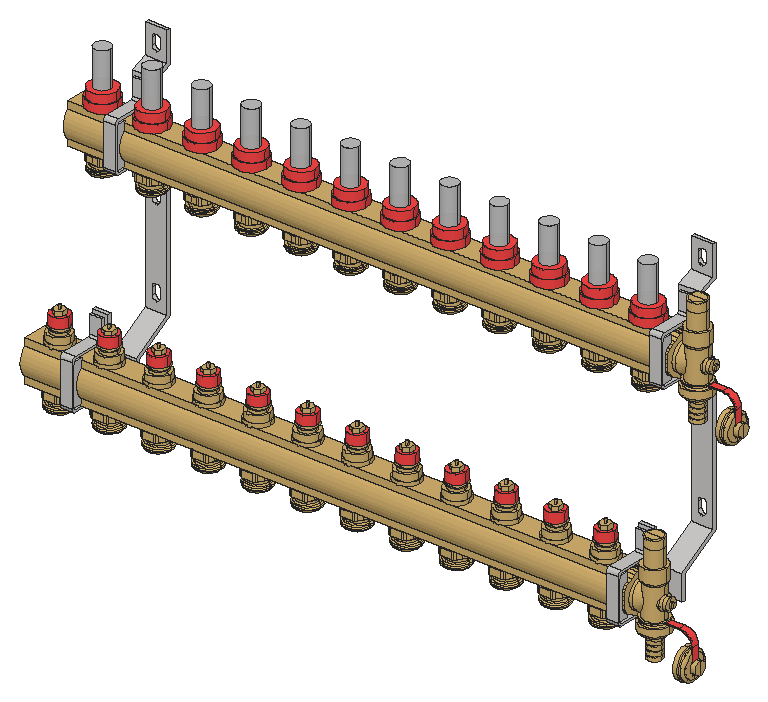
Revit family "Manifold FHF-F_2-12_RFA", category Pipe Accessories, Revit 2019 (continued)
Definition of nested family "FHF-F Symbol"
  Automatic sketch dimensions
    curve 77 to curve 78 = 7.371 mm
    curve 77 to curve 75 = 7.371 mm
    curve 76 to curve 80 = 6.483 mm
    curve 77 to curve 76 = 6.207 mm
    curve 80 to curve 76 = 6.207 mm
    curve 75 to curve 80 = 8.793 mm
    curve 75 to curve 75 = 20 mm
    curve 76 to curve 79 = 1.293 mm
    curve 80 to curve 78 = 0 mm
    curve 85 to curve 82 = 7.371 mm
    curve 82 to curve 84 = 8.793 mm
    curve 85 to curve 82 = 2.371 mm
    curve 83 to curve 84 = 7.371 mm
    curve 83 to curve 81 = 7.371 mm
    curve 82 to curve 86 = 6.483 mm
    curve 83 to curve 82 = 6.207 mm
    curve 86 to curve 82 = 6.207 mm
    curve 81 to curve 86 = 8.793 mm
    curve 81 to curve 81 = 20 mm
    curve 82 to curve 85 = 1.293 mm
    curve 86 to curve 84 = 0 mm
    curve 91 to curve 88 = 7.371 mm
    curve 88 to curve 90 = 8.793 mm
    curve 91 to curve 88 = 2.371 mm
    curve 89 to curve 90 = 7.371 mm
    curve 89 to curve 87 = 7.371 mm
    curve 88 to curve 92 = 6.483 mm
    curve 89 to curve 88 = 6.207 mm
    curve 92 to curve 88 = 6.207 mm
    curve 87 to curve 92 = 8.793 mm
    curve 87 to curve 87 = 20 mm
    curve 88 to curve 91 = 1.293 mm
    curve 92 to curve 90 = 0 mm
    curve 97 to curve 94 = 7.371 mm
    curve 94 to curve 96 = 8.793 mm
    curve 97 to curve 94 = 2.371 mm
    curve 95 to curve 96 = 7.371 mm
    curve 95 to curve 93 = 7.371 mm
    curve 94 to curve 98 = 6.483 mm
    curve 95 to curve 94 = 6.207 mm
    curve 98 to curve 94 = 6.207 mm
    curve 93 to curve 98 = 8.793 mm
    curve 93 to curve 93 = 20 mm
    curve 94 to curve 97 = 1.293 mm
    curve 98 to curve 96 = 0 mm
    curve 103 to curve 100 = 7.371 mm
    curve 100 to curve 102 = 8.793 mm
    curve 103 to curve 100 = 2.371 mm
    curve 101 to curve 102 = 7.371 mm
    curve 101 to curve 99 = 7.371 mm
    curve 100 to curve 104 = 6.483 mm
    curve 101 to curve 100 = 6.207 mm
    curve 104 to curve 100 = 6.207 mm
    curve 99 to curve 104 = 8.793 mm
    curve 99 to curve 99 = 20 mm
    curve 100 to curve 103 = 1.293 mm
    curve 104 to curve 102 = 0 mm
    curve 109 to curve 106 = 7.371 mm
    curve 106 to curve 108 = 8.793 mm
    curve 109 to curve 106 = 2.371 mm
    curve 107 to curve 108 = 7.371 mm
    curve 107 to curve 105 = 7.371 mm
    curve 106 to curve 110 = 6.483 mm
    curve 107 to curve 106 = 6.207 mm
    curve 110 to curve 106 = 6.207 mm
    curve 105 to curve 110 = 8.793 mm
    curve 105 to curve 105 = 20 mm
    curve 106 to curve 109 = 1.293 mm
    curve 110 to curve 108 = 0 mm
    curve 111 to curve 111 = 30 mm
    curve 116 to curve 113 = 7.371 mm
    curve 113 to curve 115 = 8.793 mm
    curve 116 to curve 113 = 2.371 mm
    curve 114 to curve 115 = 7.371 mm
    curve 114 to curve 112 = 7.371 mm
    curve 113 to curve 117 = 6.483 mm
    curve 114 to curve 113 = 6.207 mm
    curve 117 to curve 113 = 6.207 mm
    curve 112 to curve 117 = 8.793 mm
    curve 112 to curve 112 = 20 mm
    curve 113 to curve 116 = 1.293 mm
    curve 117 to curve 115 = 0 mm
    curve 118 to curve 118 = 30 mm
    curve 123 to curve 120 = 7.371 mm
    curve 120 to curve 122 = 8.793 mm
    curve 123 to curve 120 = 2.371 mm
    curve 121 to curve 122 = 7.371 mm
    curve 121 to curve 119 = 7.371 mm
    curve 120 to curve 124 = 6.483 mm
    curve 121 to curve 120 = 6.207 mm
    curve 124 to curve 120 = 6.207 mm
    curve 119 to curve 124 = 8.793 mm
    curve 119 to curve 119 = 20 mm
    curve 120 to curve 123 = 1.293 mm
    curve 124 to curve 122 = 0 mm
    curve 125 to curve 125 = 30 mm
    curve 130 to curve 127 = 7.371 mm
    curve 127 to curve 129 = 8.793 mm
    curve 130 to curve 127 = 2.371 mm
    curve 128 to curve 129 = 7.371 mm
    curve 128 to curve 126 = 7.371 mm
    curve 127 to curve 131 = 6.483 mm
    curve 128 to curve 127 = 6.207 mm
    curve 131 to curve 127 = 6.207 mm
    curve 126 to curve 131 = 8.793 mm
    curve 126 to curve 126 = 20 mm
    curve 127 to curve 130 = 1.293 mm
    curve 131 to curve 129 = 0 mm
    curve 132 to curve 132 = 30 mm
    curve 133 to curve 134 = 15 mm  (x2)
    curve 134 to curve 133 = 15 mm
    curve 135 to curve 135 = 30 mm
    curve 136 to curve 137 = 15 mm  (x2)
    curve 137 to curve 136 = 15 mm
    curve 138 to curve 138 = 30 mm
    curve 139 to curve 140 = 15 mm  (x2)
    curve 140 to curve 139 = 15 mm
Types (11, lengths in mm): name | Number of Circuits | Model Type | Model | Length | L1 | L bracket | L
  Manifold FHF-F_2+2_088U0522 | 2 | "Manifold FHF-F_2+2" | "088U0522" | 100 | 111 | 50 | 170
  Manifold FHF-F_12+12_088U0532 | 12 | "Manifold FHF-F_12+12" | "088U0532" | 600 | 611 | 550 | 670
  Manifold FHF-F_3+3_088U0523 | 3 | "Manifold FHF-F_3+3" | "088U0523" | 150 | 161 | 100 | 220
  Manifold FHF-F_4+4_088U0524 | 4 | "Manifold FHF-F_4+4" | "088U0524" | 200 | 211 | 150 | 270
  Manifold FHF-F_5+5_088U0525 | 5 | "Manifold FHF-F_5+5" | "088U0525" | 250 | 261 | 200 | 320
  Manifold FHF-F_6+6_088U0526 | 6 | "Manifold FHF-F_6+6" | "088U0526" | 300 | 311 | 250 | 370
  Manifold FHF-F_7+7_088U0527 | 7 | "Manifold FHF-F_7+7" | "088U0527" | 350 | 361 | 300 | 420
  Manifold FHF-F_8+8_088U0528 | 8 | "Manifold FHF-F_8+8" | "088U0528" | 400 | 411 | 350 | 470
  Manifold FHF-F_9+9_088U0529 | 9 | "Manifold FHF-F_9+9" | "088U0529" | 450 | 461 | 400 | 520
  Manifold FHF-F_10+10_088U0530 | 10 | "Manifold FHF-F_10+10" | "088U0530" | 500 | 511 | 450 | 570
  Manifold FHF-F_11+11_088U0531 | 11 | "Manifold FHF-F_11+11" | "088U0531" | 550 | 561 | 500 | 620
